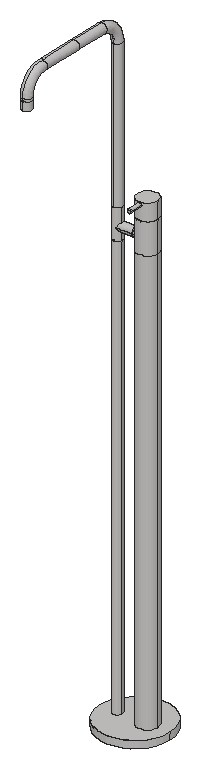
Revit family "FS2", category Generic Models, Revit 2021
Family settings
  Can host rebar = No
  Round Connector Dimension = Use Diameter
  Part Type = Normal
  Work Plane-Based = No
  Always vertical = Yes
  Cut with Voids When Loaded = No
  Shared = No
  Room Calculation Point = No
Parameters (values of type "Standard")
  e-mail = "info@vola.com"
  URL = "http://vola.com"
  Telephone = "+45 7023 5500"
  Quality management standard = "ISO 9001"
  Organisation no. / DUNS no. = "17531328"
  Occupational health and safety management standard = "ISO 18001"
  Mounting Instructions = "http://vola.com/service/producturl.ashx?name=FS2"
  Model = "FS2"
  Materials and components information = "http://vola.com/service/producturl.ashx?name=FS2"
  Manufacturer = "VOLA A/S"
  Maintenance Instructions = "http://vola.com/service/producturl.ashx?name=FS2"
  Guarantee = "2 years"
  Flow = "5,00 l/min"
  Environmental management standard = "ISO 14000"
  Default Elevation = 0.00 mm
  Connection - All relevant connections = "½\" for water connection"
  Approvals = "http://vola.com/service/producturl.ashx?name=FS2"
Reference planes
  plane 1 "Center (Front/Back)": y = 0
  plane 2: z = 0
  plane 3 "Center (Left/Right)": x = 0
  plane 4: x = 0
Forms (mm)
  Extrusion 1, solid, material "Stainless Steel"
    sketch origin (0, 0, 0) x (0, 1, 0) y (0, 0, 1)
      loop
        circle (0, 883) r 8.5
    from -35.2 to 0.8
  Extrusion 2, solid, material "Stainless Steel"
    sketch origin (52.8, 0, 0) x (1, 0, 0) y (0, 1, 0)
      loop
        circle (-52.8, 0) r 70
    from 0 to 14
  Extrusion 3, solid, material "Stainless Steel"
    sketch origin (77.6, 0, 14) x (1, 0, 0) y (0, 1, 0)
      loop
        circle (-52.8, 0) r 20
    from 0 to 845.5
  Extrusion 4, solid, material "Stainless Steel"
    sketch origin (17.6, 0, 14) x (1, 0, 0) y (0, 1, 0)
      loop
        circle (-52.8, 0) r 9.5
    from 0 to 845.5
  Extrusion 5, solid, material "Stainless Steel"
    sketch origin (77.6, 0, 859.5) x (1, 0, 0) y (0, 1, 0)
      loop
        circle (-52.8, 0) r 20
    from 0 to 60
  Extrusion 6, solid, material "Stainless Steel"
    sketch origin (77.6, 0, 919.5) x (1, 0, 0) y (0, 1, 0)
      loop
        circle (-52.8, 0) r 18
    from 0 to 1.5
  Extrusion 7, solid, material "Stainless Steel"
    sketch origin (77.6, 0, 921) x (1, 0, 0) y (0, 1, 0)
      loop
        circle (-52.8, 0) r 20
    from 0 to 32
  Extrusion 8, solid, material "Stainless Steel"
    sketch origin (-37.45, 0, 234) x (1, 0, 0) y (0, 0, 1)
      loop
        circle (62.25, 714) r 3.5
    from 0 to 45.5
  Extrusion 9, solid, material "Stainless Steel"
    sketch origin (17.6, 0, 859.5) x (1, 0, 0) y (0, 1, 0)
      loop
        circle (-52.8, 0) r 9.5
    from 0 to 60
  Sweep 10, solid, material "Stainless Steel"
    path origin (-35.2, 12, 1452.7) x (0, 1, 0) y (0, 0, 1)
      loop
        line (-12, -533.2) -> (-12, -241.2)
        arc (-12, -241.2) -> (-23.423, -213.623) -> (-51, -202.2) r 39
        line (-51, -202.2) -> (-119.4, -202.2)
    profile origin (-35.2, 0, 1065.5) x (0, -1, 0) y (1, 0, 0)
      loop
        circle (0, 0) r 9.5
  Extrusion 11, solid, material "Stainless Steel"
    sketch origin (0.8, 0, 0) x (0, 1, 0) y (0, 0, 1)
      loop
        circle (0, 883) r 8.5
    from 24 to 0
  Sweep 12, solid, material "Stainless Steel"
    path origin (-35.2, 62, 1452.7) x (0, 1, 0) y (0, 0, 1)
      loop
        line (-169.4, -202.2) -> (-249, -202.2)
        arc (-249, -202.2) -> (-276.577, -213.623) -> (-288, -241.2) r 39
        line (-288, -241.2) -> (-288, -245.7)
    profile origin (-35.2, -147.2, 1250.5) x (0, 0, -1) y (1, 0, 0)
      loop
        circle (0, 0) r 9.5
  Extrusion 13, solid, material "Stainless Steel"
    sketch origin (-35.2, -226, 1207) x (0, -1, 0) y (-1, 0, 0)
      loop
        circle (0, 0) r 9.5
    from 0 to 17
Cuts and joins
  joined: Extrusion 5, Extrusion 11
  joined: Extrusion 1, Extrusion 9
  joined: Extrusion 7, Extrusion 8
Lines and regions (mm)
  model lines
    curve 1: line (31.05, -18.998, 953) -> (31.05, 18.998, 953)
    curve 2: line (18.55, -18.998, 953) -> (18.55, 18.998, 953)
Dimensions and locks
  aligned and locked: plane 2 to level
